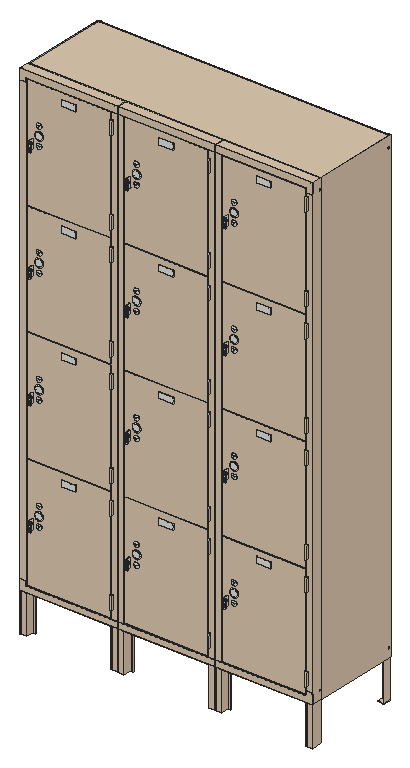
Revit family "Metal_Vented_Lockers-Salsbury_Industries-84000_Series-3_Wide_Units", category Specialty Equipment, Revit 2016 (continued)
Definition of nested family "Vents"
  Lines and regions (in)
    model lines
      curve 22: spline (-0.12232, 0, 62.45211) -> (-0.1046, 0, 62.4814) -> (-0.08525, 0, 62.50598) -> (-0.06455, 0, 62.52544) -> (-0.04284, 0, 62.5395) -> (-0.02044, 0, 62.54794) -> (0.00229, 0, 62.55063) -> (0.02501, 0, 62.54753) -> (0.04737, 0, 62.53868) -> (0.06902, 0, 62.52422) -> (0.08963, 0, 62.50438) -> (0.10888, 0, 62.47945) -> (0.12647, 0, 62.44983)
      curve 23: line (-0.12232, 0, 62.45211) -> (-0.3738, 0, 61.80038)
      curve 24: line (0.12647, 0, 62.44983) -> (0.37669, 0, 61.79965)
      curve 25: spline (-0.12218, 0, 59.41129) -> (-0.10447, 0, 59.38216) -> (-0.08514, 0, 59.35773) -> (-0.06447, 0, 59.33837) -> (-0.04279, 0, 59.32439) -> (-0.02043, 0, 59.31599) -> (0.00227, 0, 59.31332) -> (0.02496, 0, 59.3164) -> (0.04728, 0, 59.32519) -> (0.0689, 0, 59.33955) -> (0.08949, 0, 59.35927) -> (0.10872, 0, 59.38405) -> (0.1263, 0, 59.41349)
      curve 26: line (-0.12218, 0, 59.41129) -> (-0.3738, 0, 60.06338)
      curve 27: line (0.1263, 0, 59.41349) -> (0.37669, 0, 60.06265)
      curve 28: spline (-0.12232, 0, 60.71511) -> (-0.1046, 0, 60.7444) -> (-0.08525, 0, 60.76898) -> (-0.06455, 0, 60.78844) -> (-0.04284, 0, 60.8025) -> (-0.02044, 0, 60.81094) -> (0.00229, 0, 60.81363) -> (0.02501, 0, 60.81053) -> (0.04737, 0, 60.80168) -> (0.06902, 0, 60.78722) -> (0.08963, 0, 60.76738) -> (0.10888, 0, 60.74245) -> (0.12647, 0, 60.71283)
      curve 29: line (-0.12232, 0, 60.71511) -> (-0.3738, 0, 60.06338)
      curve 30: line (0.12647, 0, 60.71283) -> (0.37669, 0, 60.06265)
      curve 31: spline (-0.12218, 0, 57.67429) -> (-0.10447, 0, 57.64516) -> (-0.08514, 0, 57.62073) -> (-0.06447, 0, 57.60137) -> (-0.04279, 0, 57.58739) -> (-0.02043, 0, 57.57899) -> (0.00227, 0, 57.57632) -> (0.02496, 0, 57.5794) -> (0.04728, 0, 57.58819) -> (0.0689, 0, 57.60255) -> (0.08949, 0, 57.62227) -> (0.10872, 0, 57.64705) -> (0.1263, 0, 57.67649)
      curve 32: line (-0.12218, 0, 57.67429) -> (-0.3738, 0, 58.32638)
      curve 33: line (0.1263, 0, 57.67649) -> (0.37669, 0, 58.32565)
      curve 34: spline (-0.12232, 0, 58.97811) -> (-0.1046, 0, 59.0074) -> (-0.08525, 0, 59.03198) -> (-0.06455, 0, 59.05144) -> (-0.04284, 0, 59.0655) -> (-0.02044, 0, 59.07394) -> (0.00229, 0, 59.07663) -> (0.02501, 0, 59.07353) -> (0.04737, 0, 59.06468) -> (0.06902, 0, 59.05022) -> (0.08963, 0, 59.03038) -> (0.10888, 0, 59.00545) -> (0.12647, 0, 58.97583)
      curve 35: line (-0.12232, 0, 58.97811) -> (-0.3738, 0, 58.32638)
      curve 36: line (0.12647, 0, 58.97583) -> (0.37669, 0, 58.32565)
      curve 37: spline (-0.12218, 0, 55.93729) -> (-0.10447, 0, 55.90816) -> (-0.08514, 0, 55.88373) -> (-0.06447, 0, 55.86437) -> (-0.04279, 0, 55.85039) -> (-0.02043, 0, 55.84199) -> (0.00227, 0, 55.83932) -> (0.02496, 0, 55.8424) -> (0.04728, 0, 55.85119) -> (0.0689, 0, 55.86555) -> (0.08949, 0, 55.88527) -> (0.10872, 0, 55.91005) -> (0.1263, 0, 55.93949)
      curve 38: line (-0.12218, 0, 55.93729) -> (-0.3738, 0, 56.58938)
      curve 39: line (0.1263, 0, 55.93949) -> (0.37669, 0, 56.58865)
      curve 40: spline (-0.12232, 0, 57.24111) -> (-0.1046, 0, 57.2704) -> (-0.08525, 0, 57.29498) -> (-0.06455, 0, 57.31444) -> (-0.04284, 0, 57.3285) -> (-0.02044, 0, 57.33694) -> (0.00229, 0, 57.33963) -> (0.02501, 0, 57.33653) -> (0.04737, 0, 57.32768) -> (0.06902, 0, 57.31322) -> (0.08963, 0, 57.29338) -> (0.10888, 0, 57.26845) -> (0.12647, 0, 57.23883)
      curve 41: line (-0.12232, 0, 57.24111) -> (-0.3738, 0, 56.58938)
      curve 42: line (0.12647, 0, 57.23883) -> (0.37669, 0, 56.58865)
      curve 43: spline (-0.12218, 0, 54.20029) -> (-0.10447, 0, 54.17116) -> (-0.08514, 0, 54.14673) -> (-0.06447, 0, 54.12737) -> (-0.04279, 0, 54.11339) -> (-0.02043, 0, 54.10499) -> (0.00227, 0, 54.10232) -> (0.02496, 0, 54.1054) -> (0.04728, 0, 54.11419) -> (0.0689, 0, 54.12855) -> (0.08949, 0, 54.14827) -> (0.10872, 0, 54.17305) -> (0.1263, 0, 54.20249)
      curve 44: line (-0.12218, 0, 54.20029) -> (-0.3738, 0, 54.85238)
      curve 45: line (0.1263, 0, 54.20249) -> (0.37669, 0, 54.85165)
      curve 46: spline (-0.12232, 0, 55.50411) -> (-0.1046, 0, 55.5334) -> (-0.08525, 0, 55.55798) -> (-0.06455, 0, 55.57744) -> (-0.04284, 0, 55.5915) -> (-0.02044, 0, 55.59994) -> (0.00229, 0, 55.60263) -> (0.02501, 0, 55.59953) -> (0.04737, 0, 55.59068) -> (0.06902, 0, 55.57622) -> (0.08963, 0, 55.55638) -> (0.10888, 0, 55.53145) -> (0.12647, 0, 55.50183)
      curve 47: line (-0.12232, 0, 55.50411) -> (-0.3738, 0, 54.85238)
      curve 48: line (0.12647, 0, 55.50183) -> (0.37669, 0, 54.85165)
      curve 49: spline (-0.12218, 0, 52.46329) -> (-0.10447, 0, 52.43416) -> (-0.08514, 0, 52.40973) -> (-0.06447, 0, 52.39037) -> (-0.04279, 0, 52.37639) -> (-0.02043, 0, 52.36799) -> (0.00227, 0, 52.36532) -> (0.02496, 0, 52.3684) -> (0.04728, 0, 52.37719) -> (0.0689, 0, 52.39155) -> (0.08949, 0, 52.41127) -> (0.10872, 0, 52.43605) -> (0.1263, 0, 52.46549)
      curve 50: line (-0.12218, 0, 52.46329) -> (-0.3738, 0, 53.11538)
      curve 51: line (0.1263, 0, 52.46549) -> (0.37669, 0, 53.11465)
      curve 52: spline (-0.12232, 0, 53.76711) -> (-0.1046, 0, 53.7964) -> (-0.08525, 0, 53.82098) -> (-0.06455, 0, 53.84044) -> (-0.04284, 0, 53.8545) -> (-0.02044, 0, 53.86294) -> (0.00229, 0, 53.86563) -> (0.02501, 0, 53.86253) -> (0.04737, 0, 53.85368) -> (0.06902, 0, 53.83922) -> (0.08963, 0, 53.81938) -> (0.10888, 0, 53.79445) -> (0.12647, 0, 53.76483)
      curve 53: line (-0.12232, 0, 53.76711) -> (-0.3738, 0, 53.11538)
      curve 54: line (0.12647, 0, 53.76483) -> (0.37669, 0, 53.11465)
      curve 55: spline (-0.12218, 0, 50.72629) -> (-0.10447, 0, 50.69716) -> (-0.08514, 0, 50.67273) -> (-0.06447, 0, 50.65337) -> (-0.04279, 0, 50.63939) -> (-0.02043, 0, 50.63099) -> (0.00227, 0, 50.62832) -> (0.02496, 0, 50.6314) -> (0.04728, 0, 50.64019) -> (0.0689, 0, 50.65455) -> (0.08949, 0, 50.67427) -> (0.10872, 0, 50.69905) -> (0.1263, 0, 50.72849)
      curve 56: line (-0.12218, 0, 50.72629) -> (-0.3738, 0, 51.37838)
      curve 57: line (0.1263, 0, 50.72849) -> (0.37669, 0, 51.37765)
      curve 58: spline (-0.12232, 0, 52.03011) -> (-0.1046, 0, 52.0594) -> (-0.08525, 0, 52.08398) -> (-0.06455, 0, 52.10344) -> (-0.04284, 0, 52.1175) -> (-0.02044, 0, 52.12594) -> (0.00229, 0, 52.12863) -> (0.02501, 0, 52.12553) -> (0.04737, 0, 52.11668) -> (0.06902, 0, 52.10222) -> (0.08963, 0, 52.08238) -> (0.10888, 0, 52.05745) -> (0.12647, 0, 52.02783)
      curve 59: line (-0.12232, 0, 52.03011) -> (-0.3738, 0, 51.37838)
      curve 60: line (0.12647, 0, 52.02783) -> (0.37669, 0, 51.37765)
      curve 61: spline (-0.12218, 0, 48.98929) -> (-0.10447, 0, 48.96016) -> (-0.08514, 0, 48.93573) -> (-0.06447, 0, 48.91637) -> (-0.04279, 0, 48.90239) -> (-0.02043, 0, 48.89399) -> (0.00227, 0, 48.89132) -> (0.02496, 0, 48.8944) -> (0.04728, 0, 48.90319) -> (0.0689, 0, 48.91755) -> (0.08949, 0, 48.93727) -> (0.10872, 0, 48.96205) -> (0.1263, 0, 48.99149)
      curve 62: line (-0.12218, 0, 48.98929) -> (-0.3738, 0, 49.64138)
      curve 63: line (0.1263, 0, 48.99149) -> (0.37669, 0, 49.64065)
      curve 64: spline (-0.12232, 0, 50.29311) -> (-0.1046, 0, 50.3224) -> (-0.08525, 0, 50.34698) -> (-0.06455, 0, 50.36644) -> (-0.04284, 0, 50.3805) -> (-0.02044, 0, 50.38894) -> (0.00229, 0, 50.39163) -> (0.02501, 0, 50.38853) -> (0.04737, 0, 50.37968) -> (0.06902, 0, 50.36522) -> (0.08963, 0, 50.34538) -> (0.10888, 0, 50.32045) -> (0.12647, 0, 50.29083)
      curve 65: line (-0.12232, 0, 50.29311) -> (-0.3738, 0, 49.64138)
      curve 66: line (0.12647, 0, 50.29083) -> (0.37669, 0, 49.64065)
      curve 67: spline (-0.12218, 0, 47.25229) -> (-0.10447, 0, 47.22316) -> (-0.08514, 0, 47.19873) -> (-0.06447, 0, 47.17937) -> (-0.04279, 0, 47.16539) -> (-0.02043, 0, 47.15699) -> (0.00227, 0, 47.15432) -> (0.02496, 0, 47.1574) -> (0.04728, 0, 47.16619) -> (0.0689, 0, 47.18055) -> (0.08949, 0, 47.20027) -> (0.10872, 0, 47.22505) -> (0.1263, 0, 47.25449)
      curve 68: line (-0.12218, 0, 47.25229) -> (-0.3738, 0, 47.90438)
      curve 69: line (0.1263, 0, 47.25449) -> (0.37669, 0, 47.90365)
      curve 70: spline (-0.12232, 0, 48.55611) -> (-0.1046, 0, 48.5854) -> (-0.08525, 0, 48.60998) -> (-0.06455, 0, 48.62944) -> (-0.04284, 0, 48.6435) -> (-0.02044, 0, 48.65194) -> (0.00229, 0, 48.65463) -> (0.02501, 0, 48.65153) -> (0.04737, 0, 48.64268) -> (0.06902, 0, 48.62822) -> (0.08963, 0, 48.60838) -> (0.10888, 0, 48.58345) -> (0.12647, 0, 48.55383)
      curve 71: line (-0.12232, 0, 48.55611) -> (-0.3738, 0, 47.90438)
      curve 72: line (0.12647, 0, 48.55383) -> (0.37669, 0, 47.90365)
      curve 73: spline (-0.12218, 0, 45.51529) -> (-0.10447, 0, 45.48616) -> (-0.08514, 0, 45.46173) -> (-0.06447, 0, 45.44237) -> (-0.04279, 0, 45.42839) -> (-0.02043, 0, 45.41999) -> (0.00227, 0, 45.41732) -> (0.02496, 0, 45.4204) -> (0.04728, 0, 45.42919) -> (0.0689, 0, 45.44355) -> (0.08949, 0, 45.46327) -> (0.10872, 0, 45.48805) -> (0.1263, 0, 45.51749)
      curve 74: line (-0.12218, 0, 45.51529) -> (-0.3738, 0, 46.16738)
      curve 75: line (0.1263, 0, 45.51749) -> (0.37669, 0, 46.16665)
      curve 76: spline (-0.12232, 0, 46.81911) -> (-0.1046, 0, 46.8484) -> (-0.08525, 0, 46.87298) -> (-0.06455, 0, 46.89244) -> (-0.04284, 0, 46.9065) -> (-0.02044, 0, 46.91494) -> (0.00229, 0, 46.91763) -> (0.02501, 0, 46.91453) -> (0.04737, 0, 46.90568) -> (0.06902, 0, 46.89122) -> (0.08963, 0, 46.87138) -> (0.10888, 0, 46.84645) -> (0.12647, 0, 46.81683)
      curve 77: line (-0.12232, 0, 46.81911) -> (-0.3738, 0, 46.16738)
      curve 78: line (0.12647, 0, 46.81683) -> (0.37669, 0, 46.16665)
      curve 79: spline (-0.12218, 0, 43.77829) -> (-0.10447, 0, 43.74916) -> (-0.08514, 0, 43.72473) -> (-0.06447, 0, 43.70537) -> (-0.04279, 0, 43.69139) -> (-0.02043, 0, 43.68299) -> (0.00227, 0, 43.68032) -> (0.02496, 0, 43.6834) -> (0.04728, 0, 43.69219) -> (0.0689, 0, 43.70655) -> (0.08949, 0, 43.72627) -> (0.10872, 0, 43.75105) -> (0.1263, 0, 43.78049)
      curve 80: line (-0.12218, 0, 43.77829) -> (-0.3738, 0, 44.43038)
      curve 81: line (0.1263, 0, 43.78049) -> (0.37669, 0, 44.42965)
      curve 82: spline (-0.12232, 0, 45.08211) -> (-0.1046, 0, 45.1114) -> (-0.08525, 0, 45.13598) -> (-0.06455, 0, 45.15544) -> (-0.04284, 0, 45.1695) -> (-0.02044, 0, 45.17794) -> (0.00229, 0, 45.18063) -> (0.02501, 0, 45.17753) -> (0.04737, 0, 45.16868) -> (0.06902, 0, 45.15422) -> (0.08963, 0, 45.13438) -> (0.10888, 0, 45.10945) -> (0.12647, 0, 45.07983)
      curve 83: line (-0.12232, 0, 45.08211) -> (-0.3738, 0, 44.43038)
      curve 84: line (0.12647, 0, 45.07983) -> (0.37669, 0, 44.42965)
      curve 85: spline (-0.12218, 0, 42.04129) -> (-0.10447, 0, 42.01216) -> (-0.08514, 0, 41.98773) -> (-0.06447, 0, 41.96837) -> (-0.04279, 0, 41.95439) -> (-0.02043, 0, 41.94599) -> (0.00227, 0, 41.94332) -> (0.02496, 0, 41.9464) -> (0.04728, 0, 41.95519) -> (0.0689, 0, 41.96955) -> (0.08949, 0, 41.98927) -> (0.10872, 0, 42.01405) -> (0.1263, 0, 42.04349)
      curve 86: line (-0.12218, 0, 42.04129) -> (-0.3738, 0, 42.69338)
      curve 87: line (0.1263, 0, 42.04349) -> (0.37669, 0, 42.69265)
      curve 88: spline (-0.12232, 0, 43.34511) -> (-0.1046, 0, 43.3744) -> (-0.08525, 0, 43.39898) -> (-0.06455, 0, 43.41844) -> (-0.04284, 0, 43.4325) -> (-0.02044, 0, 43.44094) -> (0.00229, 0, 43.44363) -> (0.02501, 0, 43.44053) -> (0.04737, 0, 43.43168) -> (0.06902, 0, 43.41722) -> (0.08963, 0, 43.39738) -> (0.10888, 0, 43.37245) -> (0.12647, 0, 43.34283)
      curve 89: line (-0.12232, 0, 43.34511) -> (-0.3738, 0, 42.69338)
      curve 90: line (0.12647, 0, 43.34283) -> (0.37669, 0, 42.69265)
      curve 91: spline (-0.12218, 0, 40.30429) -> (-0.10447, 0, 40.27516) -> (-0.08514, 0, 40.25073) -> (-0.06447, 0, 40.23137) -> (-0.04279, 0, 40.21739) -> (-0.02043, 0, 40.20899) -> (0.00227, 0, 40.20632) -> (0.02496, 0, 40.2094) -> (0.04728, 0, 40.21819) -> (0.0689, 0, 40.23255) -> (0.08949, 0, 40.25227) -> (0.10872, 0, 40.27705) -> (0.1263, 0, 40.30649)
      curve 92: line (-0.12218, 0, 40.30429) -> (-0.3738, 0, 40.95638)
      curve 93: line (0.1263, 0, 40.30649) -> (0.37669, 0, 40.95565)
      curve 94: spline (-0.12232, 0, 41.60811) -> (-0.1046, 0, 41.6374) -> (-0.08525, 0, 41.66198) -> (-0.06455, 0, 41.68144) -> (-0.04284, 0, 41.6955) -> (-0.02044, 0, 41.70394) -> (0.00229, 0, 41.70663) -> (0.02501, 0, 41.70353) -> (0.04737, 0, 41.69468) -> (0.06902, 0, 41.68022) -> (0.08963, 0, 41.66038) -> (0.10888, 0, 41.63545) -> (0.12647, 0, 41.60583)
      curve 95: line (-0.12232, 0, 41.60811) -> (-0.3738, 0, 40.95638)
      curve 96: line (0.12647, 0, 41.60583) -> (0.37669, 0, 40.95565)
      curve 97: spline (-0.12218, 0, 38.56729) -> (-0.10447, 0, 38.53816) -> (-0.08514, 0, 38.51373) -> (-0.06447, 0, 38.49437) -> (-0.04279, 0, 38.48039) -> (-0.02043, 0, 38.47199) -> (0.00227, 0, 38.46932) -> (0.02496, 0, 38.4724) -> (0.04728, 0, 38.48119) -> (0.0689, 0, 38.49555) -> (0.08949, 0, 38.51527) -> (0.10872, 0, 38.54005) -> (0.1263, 0, 38.56949)
      curve 98: line (-0.12218, 0, 38.56729) -> (-0.3738, 0, 39.21938)
      curve 99: line (0.1263, 0, 38.56949) -> (0.37669, 0, 39.21865)
      curve 100: spline (-0.12232, 0, 39.87111) -> (-0.1046, 0, 39.9004) -> (-0.08525, 0, 39.92498) -> (-0.06455, 0, 39.94444) -> (-0.04284, 0, 39.9585) -> (-0.02044, 0, 39.96694) -> (0.00229, 0, 39.96963) -> (0.02501, 0, 39.96653) -> (0.04737, 0, 39.95768) -> (0.06902, 0, 39.94322) -> (0.08963, 0, 39.92338) -> (0.10888, 0, 39.89845) -> (0.12647, 0, 39.86883)
      curve 101: line (-0.12232, 0, 39.87111) -> (-0.3738, 0, 39.21938)
      curve 102: line (0.12647, 0, 39.86883) -> (0.37669, 0, 39.21865)
      curve 103: spline (-0.12218, 0, 36.83029) -> (-0.10447, 0, 36.80116) -> (-0.08514, 0, 36.77673) -> (-0.06447, 0, 36.75737) -> (-0.04279, 0, 36.74339) -> (-0.02043, 0, 36.73499) -> (0.00227, 0, 36.73232) -> (0.02496, 0, 36.7354) -> (0.04728, 0, 36.74419) -> (0.0689, 0, 36.75855) -> (0.08949, 0, 36.77827) -> (0.10872, 0, 36.80305) -> (0.1263, 0, 36.83249)
      curve 104: line (-0.12218, 0, 36.83029) -> (-0.3738, 0, 37.48238)
      curve 105: line (0.1263, 0, 36.83249) -> (0.37669, 0, 37.48165)
      curve 106: spline (-0.12232, 0, 38.13411) -> (-0.1046, 0, 38.1634) -> (-0.08525, 0, 38.18798) -> (-0.06455, 0, 38.20744) -> (-0.04284, 0, 38.2215) -> (-0.02044, 0, 38.22994) -> (0.00229, 0, 38.23263) -> (0.02501, 0, 38.22953) -> (0.04737, 0, 38.22068) -> (0.06902, 0, 38.20622) -> (0.08963, 0, 38.18638) -> (0.10888, 0, 38.16145) -> (0.12647, 0, 38.13183)
      curve 107: line (-0.12232, 0, 38.13411) -> (-0.3738, 0, 37.48238)
      curve 108: line (0.12647, 0, 38.13183) -> (0.37669, 0, 37.48165)
      curve 109: spline (-0.12218, 0, 35.09329) -> (-0.10447, 0, 35.06416) -> (-0.08514, 0, 35.03973) -> (-0.06447, 0, 35.02037) -> (-0.04279, 0, 35.00639) -> (-0.02043, 0, 34.99799) -> (0.00227, 0, 34.99532) -> (0.02496, 0, 34.9984) -> (0.04728, 0, 35.00719) -> (0.0689, 0, 35.02155) -> (0.08949, 0, 35.04127) -> (0.10872, 0, 35.06605) -> (0.1263, 0, 35.09549)
      curve 110: line (-0.12218, 0, 35.09329) -> (-0.3738, 0, 35.74538)
      curve 111: line (0.1263, 0, 35.09549) -> (0.37669, 0, 35.74465)
      curve 112: spline (-0.12232, 0, 36.39711) -> (-0.1046, 0, 36.4264) -> (-0.08525, 0, 36.45098) -> (-0.06455, 0, 36.47044) -> (-0.04284, 0, 36.4845) -> (-0.02044, 0, 36.49294) -> (0.00229, 0, 36.49563) -> (0.02501, 0, 36.49253) -> (0.04737, 0, 36.48368) -> (0.06902, 0, 36.46922) -> (0.08963, 0, 36.44938) -> (0.10888, 0, 36.42445) -> (0.12647, 0, 36.39483)
      curve 113: line (-0.12232, 0, 36.39711) -> (-0.3738, 0, 35.74538)
      curve 114: line (0.12647, 0, 36.39483) -> (0.37669, 0, 35.74465)
      curve 115: spline (-0.12218, 0, 33.35629) -> (-0.10447, 0, 33.32716) -> (-0.08514, 0, 33.30273) -> (-0.06447, 0, 33.28337) -> (-0.04279, 0, 33.26939) -> (-0.02043, 0, 33.26099) -> (0.00227, 0, 33.25832) -> (0.02496, 0, 33.2614) -> (0.04728, 0, 33.27019) -> (0.0689, 0, 33.28455) -> (0.08949, 0, 33.30427) -> (0.10872, 0, 33.32905) -> (0.1263, 0, 33.35849)
      curve 116: line (-0.12218, 0, 33.35629) -> (-0.3738, 0, 34.00838)
      curve 117: line (0.1263, 0, 33.35849) -> (0.37669, 0, 34.00765)
      curve 118: spline (-0.12232, 0, 34.66011) -> (-0.1046, 0, 34.6894) -> (-0.08525, 0, 34.71398) -> (-0.06455, 0, 34.73344) -> (-0.04284, 0, 34.7475) -> (-0.02044, 0, 34.75594) -> (0.00229, 0, 34.75863) -> (0.02501, 0, 34.75553) -> (0.04737, 0, 34.74668) -> (0.06902, 0, 34.73222) -> (0.08963, 0, 34.71238) -> (0.10888, 0, 34.68745) -> (0.12647, 0, 34.65783)
      curve 119: line (-0.12232, 0, 34.66011) -> (-0.3738, 0, 34.00838)
      curve 120: line (0.12647, 0, 34.65783) -> (0.37669, 0, 34.00765)
      curve 121: spline (-0.12218, 0, 31.61929) -> (-0.10447, 0, 31.59016) -> (-0.08514, 0, 31.56573) -> (-0.06447, 0, 31.54637) -> (-0.04279, 0, 31.53239) -> (-0.02043, 0, 31.52399) -> (0.00227, 0, 31.52132) -> (0.02496, 0, 31.5244) -> (0.04728, 0, 31.53319) -> (0.0689, 0, 31.54755) -> (0.08949, 0, 31.56727) -> (0.10872, 0, 31.59205) -> (0.1263, 0, 31.62149)
      curve 122: line (-0.12218, 0, 31.61929) -> (-0.3738, 0, 32.27138)
      curve 123: line (0.1263, 0, 31.62149) -> (0.37669, 0, 32.27065)
      curve 124: spline (-0.12232, 0, 32.92311) -> (-0.1046, 0, 32.9524) -> (-0.08525, 0, 32.97698) -> (-0.06455, 0, 32.99644) -> (-0.04284, 0, 33.0105) -> (-0.02044, 0, 33.01894) -> (0.00229, 0, 33.02163) -> (0.02501, 0, 33.01853) -> (0.04737, 0, 33.00968) -> (0.06902, 0, 32.99522) -> (0.08963, 0, 32.97538) -> (0.10888, 0, 32.95045) -> (0.12647, 0, 32.92083)
      curve 125: line (-0.12232, 0, 32.92311) -> (-0.3738, 0, 32.27138)
      curve 126: line (0.12647, 0, 32.92083) -> (0.37669, 0, 32.27065)
      curve 127: spline (-0.12218, 0, 29.88229) -> (-0.10447, 0, 29.85316) -> (-0.08514, 0, 29.82873) -> (-0.06447, 0, 29.80937) -> (-0.04279, 0, 29.79539) -> (-0.02043, 0, 29.78699) -> (0.00227, 0, 29.78432) -> (0.02496, 0, 29.7874) -> (0.04728, 0, 29.79619) -> (0.0689, 0, 29.81055) -> (0.08949, 0, 29.83027) -> (0.10872, 0, 29.85505) -> (0.1263, 0, 29.88449)
      curve 128: line (-0.12218, 0, 29.88229) -> (-0.3738, 0, 30.53438)
      curve 129: line (0.1263, 0, 29.88449) -> (0.37669, 0, 30.53365)
      curve 130: spline (-0.12232, 0, 31.18611) -> (-0.1046, 0, 31.2154) -> (-0.08525, 0, 31.23998) -> (-0.06455, 0, 31.25944) -> (-0.04284, 0, 31.2735) -> (-0.02044, 0, 31.28194) -> (0.00229, 0, 31.28463) -> (0.02501, 0, 31.28153) -> (0.04737, 0, 31.27268) -> (0.06902, 0, 31.25822) -> (0.08963, 0, 31.23838) -> (0.10888, 0, 31.21345) -> (0.12647, 0, 31.18383)
      curve 131: line (-0.12232, 0, 31.18611) -> (-0.3738, 0, 30.53438)
      curve 132: line (0.12647, 0, 31.18383) -> (0.37669, 0, 30.53365)
      curve 133: spline (-0.12218, 0, 28.14529) -> (-0.10447, 0, 28.11616) -> (-0.08514, 0, 28.09173) -> (-0.06447, 0, 28.07237) -> (-0.04279, 0, 28.05839) -> (-0.02043, 0, 28.04999) -> (0.00227, 0, 28.04732) -> (0.02496, 0, 28.0504) -> (0.04728, 0, 28.05919) -> (0.0689, 0, 28.07355) -> (0.08949, 0, 28.09327) -> (0.10872, 0, 28.11805) -> (0.1263, 0, 28.14749)
      curve 134: line (-0.12218, 0, 28.14529) -> (-0.3738, 0, 28.79738)
      curve 135: line (0.1263, 0, 28.14749) -> (0.37669, 0, 28.79665)
      curve 136: spline (-0.12232, 0, 29.44911) -> (-0.1046, 0, 29.4784) -> (-0.08525, 0, 29.50298) -> (-0.06455, 0, 29.52244) -> (-0.04284, 0, 29.5365) -> (-0.02044, 0, 29.54494) -> (0.00229, 0, 29.54763) -> (0.02501, 0, 29.54453) -> (0.04737, 0, 29.53568) -> (0.06902, 0, 29.52122) -> (0.08963, 0, 29.50138) -> (0.10888, 0, 29.47645) -> (0.12647, 0, 29.44683)
      curve 137: line (-0.12232, 0, 29.44911) -> (-0.3738, 0, 28.79738)
      curve 138: line (0.12647, 0, 29.44683) -> (0.37669, 0, 28.79665)
      curve 139: spline (-0.12218, 0, 26.40829) -> (-0.10447, 0, 26.37916) -> (-0.08514, 0, 26.35473) -> (-0.06447, 0, 26.33537) -> (-0.04279, 0, 26.32139) -> (-0.02043, 0, 26.31299) -> (0.00227, 0, 26.31032) -> (0.02496, 0, 26.3134) -> (0.04728, 0, 26.32219) -> (0.0689, 0, 26.33655) -> (0.08949, 0, 26.35627) -> (0.10872, 0, 26.38105) -> (0.1263, 0, 26.41049)
      curve 140: line (-0.12218, 0, 26.40829) -> (-0.3738, 0, 27.06038)
      curve 141: line (0.1263, 0, 26.41049) -> (0.37669, 0, 27.05965)
      curve 142: spline (-0.12232, 0, 27.71211) -> (-0.1046, 0, 27.7414) -> (-0.08525, 0, 27.76598) -> (-0.06455, 0, 27.78544) -> (-0.04284, 0, 27.7995) -> (-0.02044, 0, 27.80794) -> (0.00229, 0, 27.81063) -> (0.02501, 0, 27.80753) -> (0.04737, 0, 27.79868) -> (0.06902, 0, 27.78422) -> (0.08963, 0, 27.76438) -> (0.10888, 0, 27.73945) -> (0.12647, 0, 27.70983)
      curve 143: line (-0.12232, 0, 27.71211) -> (-0.3738, 0, 27.06038)
      curve 144: line (0.12647, 0, 27.70983) -> (0.37669, 0, 27.05965)
      curve 145: spline (-0.12218, 0, 24.67129) -> (-0.10447, 0, 24.64216) -> (-0.08514, 0, 24.61773) -> (-0.06447, 0, 24.59837) -> (-0.04279, 0, 24.58439) -> (-0.02043, 0, 24.57599) -> (0.00227, 0, 24.57332) -> (0.02496, 0, 24.5764) -> (0.04728, 0, 24.58519) -> (0.0689, 0, 24.59955) -> (0.08949, 0, 24.61927) -> (0.10872, 0, 24.64405) -> (0.1263, 0, 24.67349)
      curve 146: line (-0.12218, 0, 24.67129) -> (-0.3738, 0, 25.32338)
      curve 147: line (0.1263, 0, 24.67349) -> (0.37669, 0, 25.32265)
      curve 148: spline (-0.12232, 0, 25.97511) -> (-0.1046, 0, 26.0044) -> (-0.08525, 0, 26.02898) -> (-0.06455, 0, 26.04844) -> (-0.04284, 0, 26.0625) -> (-0.02044, 0, 26.07094) -> (0.00229, 0, 26.07363) -> (0.02501, 0, 26.07053) -> (0.04737, 0, 26.06168) -> (0.06902, 0, 26.04722) -> (0.08963, 0, 26.02738) -> (0.10888, 0, 26.00245) -> (0.12647, 0, 25.97283)
      curve 149: line (-0.12232, 0, 25.97511) -> (-0.3738, 0, 25.32338)
      curve 150: line (0.12647, 0, 25.97283) -> (0.37669, 0, 25.32265)
      curve 151: spline (-0.12218, 0, 22.93429) -> (-0.10447, 0, 22.90516) -> (-0.08514, 0, 22.88073) -> (-0.06447, 0, 22.86137) -> (-0.04279, 0, 22.84739) -> (-0.02043, 0, 22.83899) -> (0.00227, 0, 22.83632) -> (0.02496, 0, 22.8394) -> (0.04728, 0, 22.84819) -> (0.0689, 0, 22.86255) -> (0.08949, 0, 22.88227) -> (0.10872, 0, 22.90705) -> (0.1263, 0, 22.93649)
      curve 152: line (-0.12218, 0, 22.93429) -> (-0.3738, 0, 23.58638)
      curve 153: line (0.1263, 0, 22.93649) -> (0.37669, 0, 23.58565)
      curve 154: spline (-0.12232, 0, 24.23811) -> (-0.1046, 0, 24.2674) -> (-0.08525, 0, 24.29198) -> (-0.06455, 0, 24.31144) -> (-0.04284, 0, 24.3255) -> (-0.02044, 0, 24.33394) -> (0.00229, 0, 24.33663) -> (0.02501, 0, 24.33353) -> (0.04737, 0, 24.32468) -> (0.06902, 0, 24.31022) -> (0.08963, 0, 24.29038) -> (0.10888, 0, 24.26545) -> (0.12647, 0, 24.23583)
      curve 155: line (-0.12232, 0, 24.23811) -> (-0.3738, 0, 23.58638)
      curve 156: line (0.12647, 0, 24.23583) -> (0.37669, 0, 23.58565)
      curve 157: spline (-0.12218, 0, 21.19729) -> (-0.10447, 0, 21.16816) -> (-0.08514, 0, 21.14373) -> (-0.06447, 0, 21.12437) -> (-0.04279, 0, 21.11039) -> (-0.02043, 0, 21.10199) -> (0.00227, 0, 21.09932) -> (0.02496, 0, 21.1024) -> (0.04728, 0, 21.11119) -> (0.0689, 0, 21.12555) -> (0.08949, 0, 21.14527) -> (0.10872, 0, 21.17005) -> (0.1263, 0, 21.19949)
      curve 158: line (-0.12218, 0, 21.19729) -> (-0.3738, 0, 21.84938)
      curve 159: line (0.1263, 0, 21.19949) -> (0.37669, 0, 21.84865)
      curve 160: spline (-0.12232, 0, 22.50111) -> (-0.1046, 0, 22.5304) -> (-0.08525, 0, 22.55498) -> (-0.06455, 0, 22.57444) -> (-0.04284, 0, 22.5885) -> (-0.02044, 0, 22.59694) -> (0.00229, 0, 22.59963) -> (0.02501, 0, 22.59653) -> (0.04737, 0, 22.58768) -> (0.06902, 0, 22.57322) -> (0.08963, 0, 22.55338) -> (0.10888, 0, 22.52845) -> (0.12647, 0, 22.49883)
      curve 161: line (-0.12232, 0, 22.50111) -> (-0.3738, 0, 21.84938)
      curve 162: line (0.12647, 0, 22.49883) -> (0.37669, 0, 21.84865)
      curve 163: spline (-0.12218, 0, 19.46029) -> (-0.10447, 0, 19.43116) -> (-0.08514, 0, 19.40673) -> (-0.06447, 0, 19.38737) -> (-0.04279, 0, 19.37339) -> (-0.02043, 0, 19.36499) -> (0.00227, 0, 19.36232) -> (0.02496, 0, 19.3654) -> (0.04728, 0, 19.37419) -> (0.0689, 0, 19.38855) -> (0.08949, 0, 19.40827) -> (0.10872, 0, 19.43305) -> (0.1263, 0, 19.46249)
      curve 164: line (-0.12218, 0, 19.46029) -> (-0.3738, 0, 20.11238)
      curve 165: line (0.1263, 0, 19.46249) -> (0.37669, 0, 20.11165)
      curve 166: spline (-0.12232, 0, 20.76411) -> (-0.1046, 0, 20.7934) -> (-0.08525, 0, 20.81798) -> (-0.06455, 0, 20.83744) -> (-0.04284, 0, 20.8515) -> (-0.02044, 0, 20.85994) -> (0.00229, 0, 20.86263) -> (0.02501, 0, 20.85953) -> (0.04737, 0, 20.85068) -> (0.06902, 0, 20.83622) -> (0.08963, 0, 20.81638) -> (0.10888, 0, 20.79145) -> (0.12647, 0, 20.76183)
      curve 167: line (-0.12232, 0, 20.76411) -> (-0.3738, 0, 20.11238)
      curve 168: line (0.12647, 0, 20.76183) -> (0.37669, 0, 20.11165)
      curve 197: spline (-0.12218, 0, 17.72329) -> (-0.10447, 0, 17.69416) -> (-0.08514, 0, 17.66973) -> (-0.06447, 0, 17.65037) -> (-0.04279, 0, 17.63639) -> (-0.02043, 0, 17.62799) -> (0.00227, 0, 17.62532) -> (0.02496, 0, 17.6284) -> (0.04728, 0, 17.63719) -> (0.0689, 0, 17.65155) -> (0.08949, 0, 17.67127) -> (0.10872, 0, 17.69605) -> (0.1263, 0, 17.72549)
      curve 198: line (-0.12218, 0, 17.72329) -> (-0.3738, 0, 18.37538)
      curve 199: line (0.1263, 0, 17.72549) -> (0.37669, 0, 18.37465)
      curve 200: spline (-0.12232, 0, 19.02711) -> (-0.1046, 0, 19.0564) -> (-0.08525, 0, 19.08098) -> (-0.06455, 0, 19.10044) -> (-0.04284, 0, 19.1145) -> (-0.02044, 0, 19.12294) -> (0.00229, 0, 19.12563) -> (0.02501, 0, 19.12253) -> (0.04737, 0, 19.11368) -> (0.06902, 0, 19.09922) -> (0.08963, 0, 19.07938) -> (0.10888, 0, 19.05445) -> (0.12647, 0, 19.02483)
      curve 201: line (-0.12232, 0, 19.02711) -> (-0.3738, 0, 18.37538)
      curve 202: line (0.12647, 0, 19.02483) -> (0.37669, 0, 18.37465)
      curve 204: spline (-0.12218, 0, 15.98629) -> (-0.10447, 0, 15.95716) -> (-0.08514, 0, 15.93273) -> (-0.06447, 0, 15.91337) -> (-0.04279, 0, 15.89939) -> (-0.02043, 0, 15.89099) -> (0.00227, 0, 15.88832) -> (0.02496, 0, 15.8914) -> (0.04728, 0, 15.90019) -> (0.0689, 0, 15.91455) -> (0.08949, 0, 15.93427) -> (0.10872, 0, 15.95905) -> (0.1263, 0, 15.98849)
      curve 205: line (-0.12218, 0, 15.98629) -> (-0.3738, 0, 16.63838)
      curve 206: line (0.1263, 0, 15.98849) -> (0.37669, 0, 16.63765)
      curve 207: spline (-0.12232, 0, 17.29011) -> (-0.1046, 0, 17.3194) -> (-0.08525, 0, 17.34398) -> (-0.06455, 0, 17.36344) -> (-0.04284, 0, 17.3775) -> (-0.02044, 0, 17.38594) -> (0.00229, 0, 17.38863) -> (0.02501, 0, 17.38553) -> (0.04737, 0, 17.37668) -> (0.06902, 0, 17.36222) -> (0.08963, 0, 17.34238) -> (0.10888, 0, 17.31745) -> (0.12647, 0, 17.28783)
      curve 208: line (-0.12232, 0, 17.29011) -> (-0.3738, 0, 16.63838)
      curve 209: line (0.12647, 0, 17.28783) -> (0.37669, 0, 16.63765)
      curve 211: spline (-0.12218, 0, 14.24929) -> (-0.10447, 0, 14.22016) -> (-0.08514, 0, 14.19573) -> (-0.06447, 0, 14.17637) -> (-0.04279, 0, 14.16239) -> (-0.02043, 0, 14.15399) -> (0.00227, 0, 14.15132) -> (0.02496, 0, 14.1544) -> (0.04728, 0, 14.16319) -> (0.0689, 0, 14.17755) -> (0.08949, 0, 14.19727) -> (0.10872, 0, 14.22205) -> (0.1263, 0, 14.25149)
      curve 212: line (-0.12218, 0, 14.24929) -> (-0.3738, 0, 14.90138)
      curve 213: line (0.1263, 0, 14.25149) -> (0.37669, 0, 14.90065)
      curve 214: spline (-0.12232, 0, 15.55311) -> (-0.1046, 0, 15.5824) -> (-0.08525, 0, 15.60698) -> (-0.06455, 0, 15.62644) -> (-0.04284, 0, 15.6405) -> (-0.02044, 0, 15.64894) -> (0.00229, 0, 15.65163) -> (0.02501, 0, 15.64853) -> (0.04737, 0, 15.63968) -> (0.06902, 0, 15.62522) -> (0.08963, 0, 15.60538) -> (0.10888, 0, 15.58045) -> (0.12647, 0, 15.55083)
      curve 215: line (-0.12232, 0, 15.55311) -> (-0.3738, 0, 14.90138)
      curve 216: line (0.12647, 0, 15.55083) -> (0.37669, 0, 14.90065)
      curve 218: spline (-0.12218, 0, 12.51229) -> (-0.10447, 0, 12.48316) -> (-0.08514, 0, 12.45873) -> (-0.06447, 0, 12.43937) -> (-0.04279, 0, 12.42539) -> (-0.02043, 0, 12.41699) -> (0.00227, 0, 12.41432) -> (0.02496, 0, 12.4174) -> (0.04728, 0, 12.42619) -> (0.0689, 0, 12.44055) -> (0.08949, 0, 12.46027) -> (0.10872, 0, 12.48505) -> (0.1263, 0, 12.51449)
      curve 219: line (-0.12218, 0, 12.51229) -> (-0.3738, 0, 13.16438)
      curve 220: line (0.1263, 0, 12.51449) -> (0.37669, 0, 13.16365)
      curve 221: spline (-0.12232, 0, 13.81611) -> (-0.1046, 0, 13.8454) -> (-0.08525, 0, 13.86998) -> (-0.06455, 0, 13.88944) -> (-0.04284, 0, 13.9035) -> (-0.02044, 0, 13.91194) -> (0.00229, 0, 13.91463) -> (0.02501, 0, 13.91153) -> (0.04737, 0, 13.90268) -> (0.06902, 0, 13.88822) -> (0.08963, 0, 13.86838) -> (0.10888, 0, 13.84345) -> (0.12647, 0, 13.81383)
      curve 222: line (-0.12232, 0, 13.81611) -> (-0.3738, 0, 13.16438)
      curve 223: line (0.12647, 0, 13.81383) -> (0.37669, 0, 13.16365)
      curve 225: spline (-0.12218, 0, 10.77529) -> (-0.10447, 0, 10.74616) -> (-0.08514, 0, 10.72173) -> (-0.06447, 0, 10.70237) -> (-0.04279, 0, 10.68839) -> (-0.02043, 0, 10.67999) -> (0.00227, 0, 10.67732) -> (0.02496, 0, 10.6804) -> (0.04728, 0, 10.68919) -> (0.0689, 0, 10.70355) -> (0.08949, 0, 10.72327) -> (0.10872, 0, 10.74805) -> (0.1263, 0, 10.77749)
      curve 226: line (-0.12218, 0, 10.77529) -> (-0.3738, 0, 11.42738)
      curve 227: line (0.1263, 0, 10.77749) -> (0.37669, 0, 11.42665)
      curve 228: spline (-0.12232, 0, 12.07911) -> (-0.1046, 0, 12.1084) -> (-0.08525, 0, 12.13298) -> (-0.06455, 0, 12.15244) -> (-0.04284, 0, 12.1665) -> (-0.02044, 0, 12.17494) -> (0.00229, 0, 12.17763) -> (0.02501, 0, 12.17453) -> (0.04737, 0, 12.16568) -> (0.06902, 0, 12.15122) -> (0.08963, 0, 12.13138) -> (0.10888, 0, 12.10645) -> (0.12647, 0, 12.07683)
      curve 229: line (-0.12232, 0, 12.07911) -> (-0.3738, 0, 11.42738)
      curve 230: line (0.12647, 0, 12.07683) -> (0.37669, 0, 11.42665)
      curve 232: spline (-0.12218, 0, 9.03829) -> (-0.10447, 0, 9.00916) -> (-0.08514, 0, 8.98473) -> (-0.06447, 0, 8.96537) -> (-0.04279, 0, 8.95139) -> (-0.02043, 0, 8.94299) -> (0.00227, 0, 8.94032) -> (0.02496, 0, 8.9434) -> (0.04728, 0, 8.95219) -> (0.0689, 0, 8.96655) -> (0.08949, 0, 8.98627) -> (0.10872, 0, 9.01105) -> (0.1263, 0, 9.04049)
      curve 233: line (-0.12218, 0, 9.03829) -> (-0.3738, 0, 9.69038)
      curve 234: line (0.1263, 0, 9.04049) -> (0.37669, 0, 9.68965)
      curve 235: spline (-0.12232, 0, 10.34211) -> (-0.1046, 0, 10.3714) -> (-0.08525, 0, 10.39598) -> (-0.06455, 0, 10.41544) -> (-0.04284, 0, 10.4295) -> (-0.02044, 0, 10.43794) -> (0.00229, 0, 10.44063) -> (0.02501, 0, 10.43753) -> (0.04737, 0, 10.42868) -> (0.06902, 0, 10.41422) -> (0.08963, 0, 10.39438) -> (0.10888, 0, 10.36945) -> (0.12647, 0, 10.33983)
      curve 236: line (-0.12232, 0, 10.34211) -> (-0.3738, 0, 9.69038)
      curve 237: line (0.12647, 0, 10.33983) -> (0.37669, 0, 9.68965)
      curve 239: spline (-0.12218, 0, 7.30129) -> (-0.10447, 0, 7.27216) -> (-0.08514, 0, 7.24773) -> (-0.06447, 0, 7.22837) -> (-0.04279, 0, 7.21439) -> (-0.02043, 0, 7.20599) -> (0.00227, 0, 7.20332) -> (0.02496, 0, 7.2064) -> (0.04728, 0, 7.21519) -> (0.0689, 0, 7.22955) -> (0.08949, 0, 7.24927) -> (0.10872, 0, 7.27405) -> (0.1263, 0, 7.30349)
      curve 240: line (-0.12218, 0, 7.30129) -> (-0.3738, 0, 7.95338)
      curve 241: line (0.1263, 0, 7.30349) -> (0.37669, 0, 7.95265)
      curve 242: spline (-0.12232, 0, 8.60511) -> (-0.1046, 0, 8.6344) -> (-0.08525, 0, 8.65898) -> (-0.06455, 0, 8.67844) -> (-0.04284, 0, 8.6925) -> (-0.02044, 0, 8.70094) -> (0.00229, 0, 8.70363) -> (0.02501, 0, 8.70053) -> (0.04737, 0, 8.69168) -> (0.06902, 0, 8.67722) -> (0.08963, 0, 8.65738) -> (0.10888, 0, 8.63245) -> (0.12647, 0, 8.60283)
      curve 243: line (-0.12232, 0, 8.60511) -> (-0.3738, 0, 7.95338)
      curve 244: line (0.12647, 0, 8.60283) -> (0.37669, 0, 7.95265)
      curve 246: spline (-0.12218, 0, 5.56429) -> (-0.10447, 0, 5.53516) -> (-0.08514, 0, 5.51073) -> (-0.06447, 0, 5.49137) -> (-0.04279, 0, 5.47739) -> (-0.02043, 0, 5.46899) -> (0.00227, 0, 5.46632) -> (0.02496, 0, 5.4694) -> (0.04728, 0, 5.47819) -> (0.0689, 0, 5.49255) -> (0.08949, 0, 5.51227) -> (0.10872, 0, 5.53705) -> (0.1263, 0, 5.56649)
      curve 247: line (-0.12218, 0, 5.56429) -> (-0.3738, 0, 6.21638)
      curve 248: line (0.1263, 0, 5.56649) -> (0.37669, 0, 6.21565)
      curve 249: spline (-0.12232, 0, 6.86811) -> (-0.1046, 0, 6.8974) -> (-0.08525, 0, 6.92198) -> (-0.06455, 0, 6.94144) -> (-0.04284, 0, 6.9555) -> (-0.02044, 0, 6.96394) -> (0.00229, 0, 6.96663) -> (0.02501, 0, 6.96353) -> (0.04737, 0, 6.95468) -> (0.06902, 0, 6.94022) -> (0.08963, 0, 6.92038) -> (0.10888, 0, 6.89545) -> (0.12647, 0, 6.86583)
      curve 250: line (-0.12232, 0, 6.86811) -> (-0.3738, 0, 6.21638)
      curve 251: line (0.12647, 0, 6.86583) -> (0.37669, 0, 6.21565)
    reference lines
      curve 169: line (-0.37307, 0, 67.00949) -> (0.37714, 0, 67.00949)
      curve 170: line (-0.37307, 0, 65.27249) -> (0.37714, 0, 65.27249)
      curve 171: line (-0.37307, 0, 63.53549) -> (0.37714, 0, 63.53549)
      curve 172: line (-0.37307, 0, 61.79849) -> (0.37714, 0, 61.79849)
      curve 173: line (-0.37307, 0, 60.06149) -> (0.37714, 0, 60.06149)
      curve 174: line (-0.37307, 0, 58.32449) -> (0.37714, 0, 58.32449)
      curve 175: line (-0.37307, 0, 56.58749) -> (0.37714, 0, 56.58749)
      curve 176: line (-0.37307, 0, 54.85049) -> (0.37714, 0, 54.85049)
      curve 177: line (-0.37307, 0, 53.11349) -> (0.37714, 0, 53.11349)
      curve 178: line (-0.37307, 0, 51.37649) -> (0.37714, 0, 51.37649)
      curve 179: line (-0.37307, 0, 49.63949) -> (0.37714, 0, 49.63949)
      curve 180: line (-0.37307, 0, 47.90249) -> (0.37714, 0, 47.90249)
      curve 181: line (-0.37307, 0, 46.16549) -> (0.37714, 0, 46.16549)
      curve 182: line (-0.37307, 0, 44.42849) -> (0.37714, 0, 44.42849)
      curve 183: line (-0.37307, 0, 42.69149) -> (0.37714, 0, 42.69149)
      curve 184: line (-0.37307, 0, 40.95449) -> (0.37714, 0, 40.95449)
      curve 185: line (-0.37307, 0, 39.21749) -> (0.37714, 0, 39.21749)
      curve 186: line (-0.37307, 0, 37.48049) -> (0.37714, 0, 37.48049)
      curve 187: line (-0.37307, 0, 35.74349) -> (0.37714, 0, 35.74349)
      curve 188: line (-0.37307, 0, 34.00649) -> (0.37714, 0, 34.00649)
      curve 189: line (-0.37307, 0, 32.26949) -> (0.37714, 0, 32.26949)
      curve 190: line (-0.37307, 0, 30.53249) -> (0.37714, 0, 30.53249)
      curve 191: line (-0.37307, 0, 28.79549) -> (0.37714, 0, 28.79549)
      curve 192: line (-0.37307, 0, 27.05849) -> (0.37714, 0, 27.05849)
      curve 193: line (-0.37307, 0, 25.32149) -> (0.37714, 0, 25.32149)
      curve 194: line (-0.37307, 0, 23.58449) -> (0.37714, 0, 23.58449)
      curve 195: line (-0.37307, 0, 21.84749) -> (0.37714, 0, 21.84749)
      curve 196: line (-0.37307, 0, 20.11049) -> (0.37714, 0, 20.11049)
      curve 203: line (-0.37307, 0, 18.37349) -> (0.37714, 0, 18.37349)
      curve 210: line (-0.37307, 0, 16.63649) -> (0.37714, 0, 16.63649)
      curve 217: line (-0.37307, 0, 14.89949) -> (0.37714, 0, 14.89949)
      curve 224: line (-0.37307, 0, 13.16249) -> (0.37714, 0, 13.16249)
      curve 231: line (-0.37307, 0, 11.42549) -> (0.37714, 0, 11.42549)
      curve 238: line (-0.37307, 0, 9.68849) -> (0.37714, 0, 9.68849)
      curve 245: line (-0.37307, 0, 7.95149) -> (0.37714, 0, 7.95149)
      curve 252: line (-0.37307, 0, 6.21449) -> (0.37714, 0, 6.21449)
  Dimensions and locks (in)
    equal spacing: group 1, group 2, group 3, group 4, group 5, group 6, group 7, group 8, group 9, group 10, group 11, group 12, group 13, group 14, group 15, group 16, group 17, group 18, group 19, group 20, group 21, group 22, group 23, group 24, group 25, group 26, group 27, group 28, group 29, group 30, group 31, group 32, group 33, group 34, group 35, group 36  (x2)
    equal spacing: group 36, group 35, group 34, group 33, group 32, group 31, group 30, group 29, group 28, group 27, group 26, group 25, group 24, group 23, group 22, group 21, group 20, group 19, group 18, group 17, group 16, group 15, group 14, group 13, group 12, group 11, group 10, group 9, group 8, group 7, group 6, group 5, group 4, group 3, group 2, group 1
    aligned and locked: level to plane 2
Types (7): name | Zee Base - Right Side | Zee Base - Left Side | Zee Base | Vent Offset | Vent Array 2 | Vent Array 1 | Unit Height including Sloping Hood Only | Sloping Hood Height | Overall Width including Rivets | Unit Height including Base Only | Overall Unit Height (including Base and Sloping Hood) | OmniClass 23 Title | Model | Description | Depth | Base Height | Standard Leg Base
  (no name) | Metal Locker Zee Base-Right Side : None | Metal Locker Zee Base-Left Side : None | Metal Locker Zee Base - 3 Wide : None | 3.500" | 7 | 8 | 80.682" | 8.682" | 45.120" | 78.000" | 86.682" | "Equipment and Furnishings" | "84365" | "3 Wide - 6 Feet High - 15 Inches Deep" | 15.010" | 6.000" | Metal Locker Legs - 3 Wide : 6" High - 45"W x 15"D
  84365 - with Standard 6" High Legs | Metal Locker Zee Base-Right Side : None | Metal Locker Zee Base-Left Side : None | Metal Locker Zee Base - 3 Wide : None | 3.500" | 7 | 8 | 80.682" | 8.682" | 45.120" | 78.000" | 86.682" | "Equipment and Furnishings" | "84365" | "3 Wide - 6 Feet High - 15 Inches Deep" | 15.010" | 6.000" | Metal Locker Legs - 3 Wide : 6" High - 45"W x 15"D
  84368 - with Standard 6" High Legs | Metal Locker Zee Base-Right Side : None | Metal Locker Zee Base-Left Side : None | Metal Locker Zee Base - 3 Wide : None | 3.750" | 9 | 10 | 82.739" | 10.739" | 45.120" | 78.000" | 88.739" | "Equipment and Furnishings" | "84368" | "3 Wide - 6 Feet High - 18 Inches Deep" | 18.010" | 6.000" | Metal Locker Legs - 3 Wide : 6" High - 45"W x 18"D
  84365 - with 77575 Zee Base and 77550 Lockers without Legs | Metal Locker Zee Base-Right Side : 77575 Right - 15" D | Metal Locker Zee Base-Left Side : 77575 Left - 15" D | Metal Locker Zee Base - 3 Wide : 77575 - 45"W x 15"D | 3.500" | 7 | 8 | 80.682" | 8.682" | 45.120" | 76.000" | 84.682" | "Equipment and Furnishings" | "84365 with 77575 and 77550" | "3 Wide - 6 Feet High - 15 Inches Deep with Zee Base and Lockers without Legs" | 15.010" | 4.000" | Metal Locker Legs - 3 Wide : No Legs
  84368 - with 77578 Zee Base and 77550 Lockers without Legs | Metal Locker Zee Base-Right Side : None | Metal Locker Zee Base-Left Side : None | Metal Locker Zee Base - 3 Wide : 77578 - 45"W x 18"D | 3.750" | 9 | 10 | 82.739" | 10.739" | 45.120" | 76.000" | 86.739" | "Equipment aqnd Furnishings" | "84368 with 77578 and 77550" | "3 Wide - 6 Feet High - 18 Inches Deep with Zee Base and Lockers without Legs" | 18.010" | 4.000" | Metal Locker Legs - 3 Wide : No Legs
  84365 - with 77550 Lockers without Legs | Metal Locker Zee Base-Right Side : None | Metal Locker Zee Base-Left Side : None | Metal Locker Zee Base - 3 Wide : None | 3.500" | 7 | 8 | 80.682" | 8.682" | 36.120" | 72.000" | 80.682" | "Equipment and Furnishings" | "84365 with 77550" | "3 Wide - 6 Feet High - 15 Inches Deep with Lockers without Legs" | 15.010" | 0.000" | Metal Locker Legs - 3 Wide : No Legs
  84368 - with 77550 Lockers without Legs | Metal Locker Zee Base-Right Side : None | Metal Locker Zee Base-Left Side : None | Metal Locker Zee Base - 3 Wide : None | 3.750" | 9 | 10 | 82.739" | 10.739" | 36.120" | 72.000" | 82.739" | "Equipment and Furnishings" | "84368 with 77550" | "3 Wide - 6 Feet High - 18 Inches Deep with Lockers without Legs" | 18.010" | 0.000" | Metal Locker Legs - 3 Wide : No Legs
